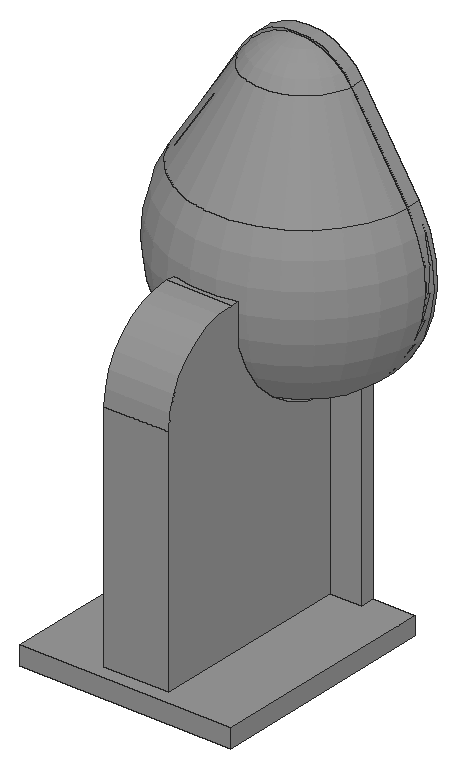
Revit family "Toilet-Willoughby-1490-ETWS-CM-TS", category Plumbing Fixtures, host Face, Revit 2014
Parameters (values of type "Standard")
  Waste DIA = 2 1/2"
  Waste Connection = yes
  W-RAD [instance] = Waste DIA / 2  # 0' - 1 1/4"
  Vent Connection = no
  URL = "www.willoughby-ind.com"
  Type Comments = "Siphon Jet Flush"
  Revision = "A"
  Model = "ETWS-1490-CM-TS"
  Manufacturer = "Willoughby Industries"
  HW Connection = no
  Flush inlet DIA = 1 1/2"
  Flush Inlet Connection = yes
  Fixture Body = Stainless Steel AISI 304-Willoughby
  F-RAD [instance] = Flush inlet DIA / 2  # 0' - 0 3/4"
  Description = "Carrier Mounted Toilet"
  Default Elevation = 0' - 0"
  Contact Number = "(800) 428-4065"
  CW Connection = no
Reference planes (in)
  plane 1 "Base": y = -16.25
  plane 2: z = 0
  plane 3 "Center": x = 18.31072
  plane 4 "Seat HGT": y = -1.25
  plane 5: y = -2.125
  plane 6: x = 16.56072
  plane 7: x = 20.06072
  plane 8: x = 12.56072
  plane 9: x = 24.06072
  plane 10: z = 2.70924
  plane 11 "Waste HGT": y = -10.75
  plane 12 "Unit Base Off Floor": y = -13.75
Forms (in)
  Extrusion 1, solid, material "Stainless Steel AISI 304-Willoughby" <- "Fixture Body"
    sketch origin (16.08109, 7.47968, -5.1422) x (-1, 0, 0) y (0, 0, -1)
      loop
        line (1.29775, -16.80087) -> (1.29775, -6.1422) -> (-5.72963, -6.1422) -> (-5.72963, -16.81676)
        arc (-5.72963, -16.81676) -> (-8.98136, -21.11843) -> (-8.21015, -26.45542) r 7
        line (-8.21015, -26.45542) -> (-5.16818, -31.31054)
        arc (-5.16818, -31.31054) -> (-2.20225, -32.95225) -> (0.76368, -31.31054) r 3.5
        line (0.76368, -31.31054) -> (3.80565, -26.45542)
        arc (3.80565, -26.45542) -> (4.5729, -21.10311) -> (1.29775, -16.80087) r 7
      loop
        arc (2.03989, -24.70557) -> (-2.20225, -18.23804) -> (-6.44438, -24.70557) r 4.625
        line (-6.44438, -24.70557) -> (-4.04125, -30.23842)
        arc (-4.04125, -30.23842) -> (-2.20225, -31.45225) -> (-0.36324, -30.23842) r 2
        line (-0.36324, -30.23842) -> (2.03989, -24.70557)
    from 8.72968 to 9.5
  Revolve 2, solid, material "Stainless Steel AISI 304-Willoughby" <- "Fixture Body"
    sketch origin (19.37246, -1.52032, -1.93826) x (-1, 0, 0) y (0, 0, -1)
      loop
        line (1.06174, -12.59906) -> (1.06174, -12.84906)
        arc (1.06174, -12.84906) -> (6.96784, -16.33096) -> (6.78077, -23.18447) r 6.75
        line (6.78077, -23.18447) -> (3.81535, -27.91457)
        arc (3.81535, -27.91457) -> (2.63527, -29.03194) -> (1.06174, -29.43826) r 3.25
        line (1.06174, -29.43826) -> (1.06174, -29.68826)
        arc (1.06174, -29.68826) -> (2.75672, -29.25045) -> (4.02767, -28.04656) r 3.5
        line (4.02767, -28.04656) -> (7.06964, -23.19143)
        arc (7.06964, -23.19143) -> (7.15052, -16.14555) -> (1.06174, -12.59906) r 7
      axis (1.06174, -12.59906) -> (1.06174, -29.68826)
    angle from 0 to -180
  Extrusion 3, solid, material "Stainless Steel AISI 304-Willoughby" <- "Fixture Body"
    sketch origin (19.53334, -3.02032, -2.9508) x (0, 1, 0) y (0, 0, 1)
      loop
        line (-5.27082, 3.9508) -> (1, 3.9508) -> (1, 13.76086)
        arc (1, 13.76086) -> (-2.93256, 15.26109) -> (-5.27082, 18.76086) r 6.92744
        line (-5.27082, 18.76086) -> (-5.27082, 3.9508)
    from 0.52738 to -2.97262
  Extrusion 4, solid, material "Stainless Steel AISI 304-Willoughby" <- "Fixture Body"
    sketch origin (17.03334, 25.15042, -2.30581) x (0, 1, 0) y (0, 0, 1)
      loop
        line (-33.44156, 3.30581) -> (-33.44156, 20.30581) -> (-33.87467, 20.30581)
        arc (-33.87467, 20.30581) -> (-36.89808, 19.05347) -> (-38.15042, 16.03006) r 4.27575
        line (-38.15042, 16.03006) -> (-38.15042, 3.30581) -> (-33.44156, 3.30581)
    from -0.47262 to 3.02738
  Extrusion 5, solid, material "Stainless Steel AISI 304-Willoughby" <- "Fixture Body"
    sketch origin (4.30355, 0.58522, 0) x (1, 0, 0) y (0, 1, 0)
      loop
        circle (14.00717, -11.33522) r 1.25
    from 5.5 to 0
  Extrusion 6, solid, material "Stainless Steel AISI 304-Willoughby" <- "Fixture Body"
    sketch origin (0, 1.11185, 0) x (1, 0, 0) y (0, 0, 1)
      loop
        circle (18.31072, 2.70924) r 0.75
    from 2.36185 to 1.42435
  Extrusion 7, solid, material "Stainless Steel AISI 304-Willoughby" <- "Fixture Body"
    sketch origin (0, -16.25, 0) x (1, 0, 0) y (0, 0, 1)
      loop
        line (24.06072, 0) -> (24.06072, 1) -> (12.56072, 1) -> (12.56072, 0) -> (24.06072, 0)
    from -15 to -2.5
Cuts and joins
  joined: Extrusion 1, Extrusion 3, Extrusion 4, Extrusion 7
Lines and regions (in)
  symbolic lines
    curve 1: line (11.28334, -2.02032, 0) -> (11.28334, -1.25, 0)
    curve 2: line (11.28334, -1.25, 0) -> (25.28334, -1.25, 0)
    curve 3: line (25.28334, -1.25, 0) -> (25.28334, -2.02032, 0)
    curve 4: arc (25.28334, -2.02032, 0) -> (23.08792, -6.65567, 0) -> (18.31072, -8.52239, 0) r 6.949
    curve 5: arc (18.31072, -8.52239, 0) -> (13.53397, -6.63646, 0) -> (11.28334, -2.02032, 0) r 7.09061
    curve 6: line (20.06072, -8.30831, 0) -> (20.06072, -13, 0)
    curve 7: line (20.06072, -13, 0) -> (16.56072, -13, 0)
    curve 8: line (16.56072, -13, 0) -> (16.56072, -8.29316, 0)
    curve 9: line (24.06072, -5.53097, 0) -> (24.06072, -13.75, 0)
    curve 10: line (24.06072, -13.75, 0) -> (12.56072, -13.75, 0)
    curve 11: line (12.56072, -13.75, 0) -> (12.56072, -5.52663, 0)
    curve 12: line (14.78334, -16.25, 11.65867) -> (14.78334, -16.25, 1)
    curve 13: line (14.78334, -16.25, 1) -> (12.56072, -16.25, 1)
    curve 14: line (12.56072, -16.25, 1) -> (12.56072, -16.25, 0)
    curve 15: line (12.56072, -16.25, 0) -> (24.06072, -16.25, 0)
    curve 16: line (24.06072, -16.25, 0) -> (24.06072, -16.25, 1)
    curve 17: line (24.06072, -16.25, 1) -> (21.81072, -16.25, 1)
    curve 18: line (21.81072, -16.25, 1) -> (21.81072, -16.25, 11.67456)
    curve 19: arc (21.81072, -16.25, 11.67456) -> (25.05562, -16.25, 15.94259) -> (24.31862, -16.25, 21.25317) r 6.98362
    curve 20: line (24.31862, -16.25, 21.25317) -> (21.25205, -16.25, 26.1639)
    curve 21: arc (21.25205, -16.25, 26.1639) -> (19.99152, -16.25, 27.34663) -> (18.31072, -16.25, 27.75) r 3.3743
    curve 22: arc (18.31072, -16.25, 27.75) -> (16.6278, -16.25, 27.31167) -> (15.31741, -16.25, 26.16835) r 3.79289
    curve 23: line (15.31741, -16.25, 26.16835) -> (12.35249, -16.25, 21.43905)
    curve 24: arc (12.35249, -16.25, 21.43905) -> (11.49002, -16.25, 16.03241) -> (14.78334, -16.25, 11.65867) r 7
    curve 30: line (18.31072, -13, 1) -> (18.31072, -13.75, 1)
    curve 31: line (18.31072, -13.75, 1) -> (18.31072, -13.75, 0)
    curve 32: line (18.31072, -13.75, 0) -> (18.31072, -1.25, 0)
    curve 33: line (18.31072, -1.25, 0) -> (18.31072, -1.25, 27.81005)
    curve 34: line (18.31072, -1.25, 27.81005) -> (18.31072, -2.02032, 27.81005)
    curve 35: arc (18.31072, -2.02032, 27.81005) -> (18.31072, -3.30332, 27.26109) -> (18.31072, -4.32667, 26.31229) r 4.08482
    curve 36: line (18.31072, -4.32667, 26.31229) -> (18.31072, -7.52822, 21.25317)
    curve 37: arc (18.31072, -7.52822, 21.25317) -> (18.31072, -8.24035, 19.69354) -> (18.31072, -8.50769, 18) r 6.3284
    curve 38: line (18.31072, -8.29114, 18) -> (18.31072, -8.72425, 18)
    curve 39: arc (18.31072, -8.72425, 18) -> (18.31072, -11.74766, 16.74766) -> (18.31072, -13, 13.72425) r 4.27575
    curve 40: line (18.31072, -13, 13.72425) -> (18.31072, -13, 1)
    curve 41: line (18.31072, -2.02032, 1) -> (18.31072, -2.02032, 11.65867)
    curve 42: line (18.31072, -2.02032, 11.65867) -> (18.31072, -1.25, 11.65867)
    curve 43: arc (18.31072, -2.02032, 10.81005) -> (18.31072, -5.95289, 12.31029) -> (18.31072, -8.29114, 15.81005) r 6.92744
    curve 44: line (18.31072, -8.29114, 15.81005) -> (18.31072, -8.29114, 18)
    curve 45: line (18.31072, -13, 1) -> (18.31072, -2.02032, 1)
    curve 46: line (18.31072, -2.02032, 1) -> (18.31072, -1.25, 1)
  symbolic lines, detail levels fine
    curve 25: arc (14.0412, -16.25, 19.56337) -> (18.28334, -16.25, 13.09585) -> (22.52547, -16.25, 19.56337) r 4.625
    curve 26: line (22.52547, -16.25, 19.56337) -> (20.12234, -16.25, 25.09622)
    curve 27: arc (20.12234, -16.25, 25.09622) -> (19.38317, -16.25, 25.97635) -> (18.28334, -16.25, 26.31005) r 2.01767
    curve 28: arc (18.28334, -16.25, 26.31005) -> (17.17969, -16.25, 25.98213) -> (16.44433, -16.25, 25.09622) r 1.9827
    curve 29: line (16.44433, -16.25, 25.09622) -> (14.0412, -16.25, 19.56337)
Dimensions and locks (in)
  plane 1 "Base" to plane 4 "Seat HGT" = 1' - 3"
  plane 1 "Base" to plane 11 "Waste HGT" = 0' - 5 1/2"
  plane 9 to plane 8 = 0' - 11 1/2"
  plane 8 to plane 9 = 0' - 11 1/2"
  plane 8 to plane 3 "Center" = 0' - 5 3/4"
  plane 1 "Base" to plane 12 "Unit Base Off Floor" = 0' - 2 1/2"
  "W-RAD": radius of Extrusion 5 sketch curve
  "F-RAD": radius of Extrusion 6 sketch curve
  aligned and locked: plane 2 to host face
  aligned and locked: level to host face
  aligned and locked: plane 3 "Center" to Extrusion 6 sketch curve
  aligned and locked: plane 10 to Extrusion 6 sketch curve
  aligned and locked: plane 11 "Waste HGT" to Extrusion 5 sketch curve
  aligned and locked: plane 3 "Center" to Extrusion 5 sketch curve
  aligned and locked: cut or joined group of Extrusion 1, Extrusion 3, Extrusion 4, Extrusion 7 to level
  aligned and locked: plane 4 "Seat HGT" to cut or joined group of Extrusion 1, Extrusion 3, Extrusion 4, Extrusion 7
Automatic sketch dimensions
  host sketch curve to host sketch curve = 3' - 1.40834"
  host sketch curve to host sketch curve = 2' - 10.86225"
  Extrusion 1 sketch curve to Extrusion 1 sketch curve = 0' - 0"  (x8)
  level to Extrusion 1 sketch curve = 0' - 1"
  plane 3 "Center" to Extrusion 1 sketch curve = 0' - 5.98052"
  Extrusion 1 sketch curve to Extrusion 1 sketch curve = 0' - 1.76576"  (x2)
  plane 3 "Center" to Extrusion 1 sketch curve = 0' - 3 1/2"
  plane 3 "Center" to Extrusion 1 sketch curve = 0' - 2.93855"
  Extrusion 1 sketch curve to Extrusion 1 sketch curve = 0' - 1.12693"  (x2)
  Extrusion 1 sketch curve to plane 3 "Center" = 0' - 0.02738"  (x2)
  Extrusion 1 sketch curve to plane 3 "Center" = 0' - 1.86639"
  Extrusion 1 sketch curve to plane 3 "Center" = 0' - 3.52738"
  Extrusion 1 sketch curve to plane 3 "Center" = 0' - 4 69/256"
  Extrusion 1 sketch curve to Extrusion 1 sketch curve = 0' - 10.65867"
  Extrusion 1 sketch curve to Extrusion 1 sketch curve = 0' - 0.01589"
  Extrusion 1 sketch curve to Extrusion 1 sketch curve = 0' - 6.06218"
  Extrusion 1 sketch curve to Extrusion 1 sketch curve = 0' - 1.74985"
  Extrusion 1 sketch curve to Extrusion 1 sketch curve = 0' - 4.74668"
  Extrusion 1 sketch curve to Extrusion 1 sketch curve = 0' - 0.78617"
  Extrusion 1 sketch curve to Extrusion 1 sketch curve = 0' - 1.07212"
  Revolve 2 sketch curve to Revolve 2 sketch curve = 0' - 0"  (x2)
  Revolve 2 sketch curve to plane 3 "Center" = 0' - 0"  (x3)
  plane 3 "Center" to Revolve 2 sketch curve = 0' - 0"
  Revolve 2 sketch curve to plane 3 "Center" = 0' - 2.75361"
  Revolve 2 sketch curve to Revolve 2 sketch curve = 0' - 0.21232"
  Revolve 2 sketch curve to Revolve 2 sketch curve = 0' - 2.96542"
  Revolve 2 sketch curve to Revolve 2 sketch curve = 0' - 0.28887"
  level to Revolve 2 sketch curve = 2' - 3 3/4"
  Revolve 2 sketch curve to Revolve 2 sketch curve = 0' - 0 1/4"
  Revolve 2 sketch curve to Revolve 2 sketch curve = 0' - 1.3917"
  Revolve 2 sketch curve to Revolve 2 sketch curve = 0' - 0.13199"
  Revolve 2 sketch curve to Revolve 2 sketch curve = 0' - 4.85513"
  Revolve 2 sketch curve to Revolve 2 sketch curve = 0' - 0.00696"
  Revolve 2 sketch curve to Revolve 2 sketch curve = 0' - 3 1/4"
  Revolve 2 sketch curve to Revolve 2 sketch curve = 0' - 3.3392"
  Revolve 2 sketch curve to Revolve 2 sketch curve = 0' - 2.4108"
  level to Extrusion 3 sketch curve = 0' - 1"
  plane 5 to Extrusion 3 sketch curve = 0' - 0.10468"
  plane 4 "Seat HGT" to Extrusion 3 sketch curve = 0' - 0.38413"
  Extrusion 3 sketch curve to Extrusion 3 sketch curve = 0' - 9.81005"
  Extrusion 3 sketch curve to Extrusion 3 sketch curve = 0' - 5"
  level to Extrusion 4 sketch curve = 0' - 1"
  Extrusion 4 sketch curve to Extrusion 4 sketch curve = 0' - 0.43311"
  Extrusion 4 sketch curve to Extrusion 4 sketch curve = 1' - 0.72425"
  Extrusion 7 sketch curve to plane 8 = 0' - 0"
  Extrusion 7 sketch curve to plane 9 = 0' - 0"
  Extrusion 7 sketch curve to level = 0' - 0"
  level to Extrusion 7 sketch curve = 0' - 1"
  Extrusion 3 sketch curve to Extrusion 3 sketch curve = 0' - 6.27082"
  Extrusion 4 sketch curve to plane 1 "Base" = 0' - 3 1/4"
  Extrusion 4 sketch curve to plane 11 "Waste HGT" = 0' - 2.02575"
  plane 4 "Seat HGT" to curve 1 = 0' - 0"
  curve 10 to plane 8 = 0' - 0"
  curve 7 to plane 6 = 0' - 0"
  curve 4 to plane 3 "Center" = 0' - 0"
  curve 5 to plane 3 "Center" = 0' - 0"
  curve 6 to plane 7 = 0' - 0"
  curve 9 to plane 9 = 0' - 0"
  curve 11 to plane 12 "Unit Base Off Floor" = 0' - 0"
  plane 5 to curve 1 = 0' - 0.10468"
  curve 1 to plane 8 = 0' - 1.27738"
  plane 3 "Center" to curve 4 = 0' - 0.038"
  plane 3 "Center" to curve 5 = 0' - 0.03877"
  curve 9 to curve 3 = 0' - 1.22262"
  plane 12 "Unit Base Off Floor" to curve 8 = 0' - 0 3/4"
  plane 5 to curve 3 = 0' - 0.10468"
  curve 24 to curve 25 = 0' - 0"  (x2)
  curve 15 to level = 0' - 0"
  curve 15 to plane 8 = 0' - 0"
  curve 22 to plane 3 "Center" = 0' - 0"
  curve 21 to plane 3 "Center" = 0' - 0"
  curve 15 to plane 9 = 0' - 0"
  curve 23 to plane 8 = 0' - 0.20823"
  curve 12 to plane 6 = 0' - 1.77738"
  curve 23 to plane 6 = 0' - 1.24331"
  curve 27 to plane 3 "Center" = 0' - 0.03902"
  curve 27 to curve 28 = 0' - 0.0002"
  curve 25 to plane 3 "Center" = 0' - 0.02738"
  curve 19 to plane 3 "Center" = 0' - 0.011"
  plane 3 "Center" to curve 21 = 0' - 0.07924"
  plane 3 "Center" to curve 22 = 0' - 0.08907"
  plane 7 to curve 26 = 0' - 0.06162"
  plane 7 to curve 20 = 0' - 1.19133"
  plane 7 to curve 18 = 0' - 1 3/4"
  curve 26 to plane 9 = 0' - 1.53525"
  plane 9 to curve 20 = 0' - 0.2579"
  level to curve 13 = 0' - 1"
  level to curve 17 = 0' - 1"
  plane 10 to curve 12 = 0' - 8.94943"
  curve 12 to curve 18 = 0' - 0.01589"
  curve 18 to curve 19 = 0' - 6.03688"
  curve 19 to curve 25 = 0' - 0.00941"
  curve 26 to curve 19 = 0' - 1.6898"
  curve 25 to curve 22 = 0' - 4.39478"
  curve 22 to curve 27 = 0' - 0.33426"
  curve 27 to curve 28 = 0' - 0.03496"
  curve 28 to curve 21 = 0' - 0.04925"
  curve 26 to curve 21 = 0' - 1.06768"
  plane 8 to curve 25 = 0' - 1 123/256"
  curve 28 to plane 6 = 0' - 0.11639"
  curve 28 to curve 27 = 0' - 0"
  curve 30 to plane 12 "Unit Base Off Floor" = 0' - 0"
  curve 33 to level = 0' - 0"
  curve 46 to plane 4 "Seat HGT" = 0' - 0"
  plane 12 "Unit Base Off Floor" to curve 30 = 0' - 0 3/4"
  curve 39 to plane 11 "Waste HGT" = 0' - 2.02575"
  curve 39 to curve 38 = 0' - 0.43311"
  curve 36 to plane 11 "Waste HGT" = 0' - 3.22178"
  curve 36 to plane 5 = 0' - 2.20167"
  curve 37 to plane 5 = 0' - 0.05565"
  plane 5 to curve 45 = 0' - 0.10468"
  plane 5 to curve 34 = 0' - 0.10468"
  plane 4 "Seat HGT" to curve 43 = 0' - 0.38413"
  curve 35 to plane 4 "Seat HGT" = 0' - 0.17143"
  level to curve 31 = 0' - 1"
  plane 10 to curve 42 = 0' - 8.94943"
  curve 41 to curve 39 = 0' - 2.06558"
  curve 39 to curve 44 = 0' - 2.0858"
  curve 42 to curve 43 = 0' - 6.06805"
  curve 43 to curve 37 = 0' - 0.14236"
  curve 38 to curve 36 = 0' - 3.25317"
  curve 37 to curve 35 = 0' - 5.9662"
  curve 35 to curve 36 = 0' - 2.47702"
Connectors (in)
  piping at (18.31072, -10.75, 0), diameter 2.5, driven by "W-RAD", driven by "Waste Connection"
    settings: on Extrusion 5, index 1, connector inside diameter 2 1/2", connector length 0' - 0", flow factor 0, pipe flow 0 GPM, pressure drop 0.00 psi, fitting loss kfactor 0, connector angle 0.00°, fixture units 0, engagement length 0' - 0", angle of deflection 0.00°, flow configuration 0, flow direction 2, fitting loss method 0, system type 16, joint type 0, gender type 0, connector reference index -1, connector utility 1, adjustable connector yes, is connector primary yes, connector description "Toilet Waste"
  piping at (18.31072, -0.3125, 2.70924), diameter 1.5, driven by "F-RAD", driven by "Flush Inlet Connection"
    settings: on Extrusion 6, index 2, connector inside diameter 1 1/2", connector length 0' - 0", flow factor 0, pipe flow 0 GPM, pressure drop 0.00 psi, fitting loss kfactor 0, connector angle 0.00°, fixture units 0, engagement length 0' - 0", angle of deflection 0.00°, flow configuration 0, flow direction 1, fitting loss method 0, system type 20, joint type 0, gender type 0, connector reference index -1, connector utility 1, adjustable connector no, is connector primary no, connector description "Flush Inlet"
